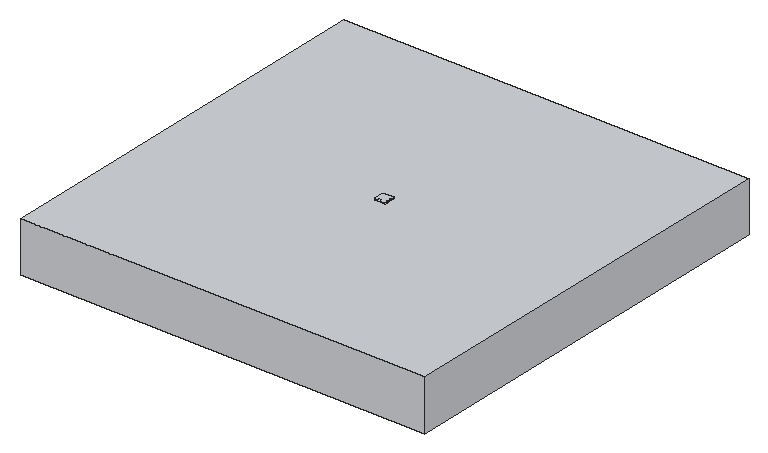
Revit family "Gira_040000", category Allgemeines Modell, Revit 2017
Family settings
  Basisbauteil = Fläche
  Kann Basisbauteil für Bewehrung sein = Nein
  Bemaßung runder Anschluss = Durchmesser verwenden
  Teiletyp = Normal
  Beim Laden mit Abzugskörper schneiden = Nein
  Gemeinsam genutzt = Nein
  Raumberechnungspunkt = Nein
Parameters
  Zusammenstellung = "Basiselement"
  Werkstoffgüte = "sonstige"
  Werkstoff = "sonstige"
  Default Elevation = 1219.2 mm
  Verwendung = "Telex/ADo"
  URL = "https://www.gira.de/"
  Typname = "Schnurableitung 5-p Einsatz"
  Transparent = no
  Tragring = yes
  Produktseite = "http://katalog.gira.de/de_DE/datenblatt.html?artikelnr=040000"
  Oberfläche = "sonstige"
  Montageart = "Unterputz"
  Mit Zugentlastung = yes
  Mit Staubschutz = no
  Mit Klappdeckel = no
  Mit Aufdruck = no
  Lüsterklemme = yes
  Hersteller = "Gira"
  Halogenfrei = yes
  HAN = "040000"
  Geeignet für Schutzart (IP) = "IP20"
  GTIN = "4010337400004"
  Farbe = "sonstige"
  Datenblatt = "https://katalog.gira.de/de_DE/download.html?artikelnr=040000"
  Beschriftungsfeld = "ohne Beschriftungsfeld"
  Beschreibung = "Einsatz Schnurableitung 5-polig   Merkmale: - Mit Schraubklemmen."
  Befestigungsart = "Krallen-/Schraubbefestigung"
  BIM = "https://media.stage.bim.site/public/gira/ce1eeae/Einsatz_1fach.rfa"
  Ausführung der Oberfläche = "nicht zutreffend"
Reference planes
  plane 1 "Center (Front/Back)": y = 0
  plane 2: z = 0
  plane 3 "Center (Left/Right)": x = 0
Forms (mm)
  Extrusion 1, solid
    sketch origin (0, 0, 0) x (1, 0, 0) y (0, 1, 0)
      loop
        line (-1219.2, 1219.2) -> (-1219.2, -1219.2) -> (1219.2, -1219.2) -> (1219.2, 1219.2) -> (-1219.2, 1219.2)
    from 0 to -304.8
  Extrusion 2, solid, detail levels fine
    sketch origin (0, 0, 0) x (1, 0, 0) y (0, 1, 0)
      loop
        line (27.475, 35.475) -> (-27.475, 35.475)
        arc (-27.475, 35.475) -> (-33.132, 33.132) -> (-35.475, 27.475) r 8
        line (-35.475, 27.475) -> (-35.475, -27.475)
        arc (-35.475, -27.475) -> (-33.132, -33.132) -> (-27.475, -35.475) r 8
        line (-27.475, -35.475) -> (27.475, -35.475)
        arc (27.475, -35.475) -> (33.132, -33.132) -> (35.475, -27.475) r 8
        line (35.475, -27.475) -> (35.475, 27.475)
        arc (35.475, 27.475) -> (33.132, 33.132) -> (27.475, 35.475) r 8
    from 0 to 1.8
  Extrusion 3, solid, detail levels fine
    sketch origin (0, 0, 0) x (1, 0, 0) y (0, 1, 0)
      loop
        line (9.678, 25.4) -> (-9.678, 25.4)
        arc (-9.678, 25.4) -> (-12.885, 24.922) -> (-15.814, 23.53) r 11
        arc (-15.814, 23.53) -> (-17.795, 22.07) -> (-19.641, 20.444) r 28.35
        arc (-19.641, 20.444) -> (-21.339, 18.665) -> (-22.876, 16.745) r 28.35
        arc (-22.876, 16.745) -> (-24.456, 13.666) -> (-25, 10.248) r 11
        line (-25, 10.248) -> (-25, -10.248)
        arc (-25, -10.248) -> (-24.456, -13.666) -> (-22.876, -16.745) r 11
        arc (-22.876, -16.745) -> (-20.409, -19.677) -> (-17.569, -22.25) r 28.35
        line (-17.569, -22.25) -> (17.569, -22.25)
        arc (17.569, -22.25) -> (20.409, -19.677) -> (22.876, -16.745) r 28.35
        arc (22.876, -16.745) -> (24.456, -13.666) -> (25, -10.248) r 11
        line (25, -10.248) -> (25, 10.248)
        arc (25, 10.248) -> (24.456, 13.666) -> (22.876, 16.745) r 11
        arc (22.876, 16.745) -> (21.593, 18.37) -> (20.195, 19.897) r 28.35
        arc (20.195, 19.897) -> (18.096, 21.823) -> (15.814, 23.53) r 28.35
        arc (15.814, 23.53) -> (12.885, 24.922) -> (9.678, 25.4) r 11
    from 0 to -22
  Extrusion 4, solid, detail levels medium
    sketch origin (0, 0, 0) x (1, 0, 0) y (0, 1, 0)
      loop
        line (-25, 25.4) -> (-25, -22.25) -> (25, -22.25) -> (25, 25.4) -> (-25, 25.4)
    from 0 to -22
  Extrusion 5, solid, detail levels coarse
    sketch origin (0, 0, 0) x (1, 0, 0) y (0, 1, 0)
      loop
        line (35.475, 35.475) -> (-35.475, 35.475) -> (-35.475, -35.475) -> (35.475, -35.475) -> (35.475, 35.475)
    from -22 to 1.8
  Extrusion 6, solid, detail levels medium
    sketch origin (0, 0, 0) x (1, 0, 0) y (0, 1, 0)
      loop
        line (35.475, 35.475) -> (-35.475, 35.475) -> (-35.475, -35.475) -> (35.475, -35.475) -> (35.475, 35.475)
    from 0 to 1.8
Dimensions and locks
  aligned and locked: plane 2 to Extrusion 1
  aligned and locked: level to Extrusion 1
Connectors
  electrical at (0, 0, -22)
    settings: on Extrusion 5, index 1, voltage 220 V, apparent load 0 VA, apparent load phase1 0 VA, apparent load phase2 0 VA, apparent load phase3 0 VA, power factor 1, load classification "Other", number of poles 1, system type 30, power factor state 1, is connector primary yes, connector utility no, sub classification motor no, connector description ""
